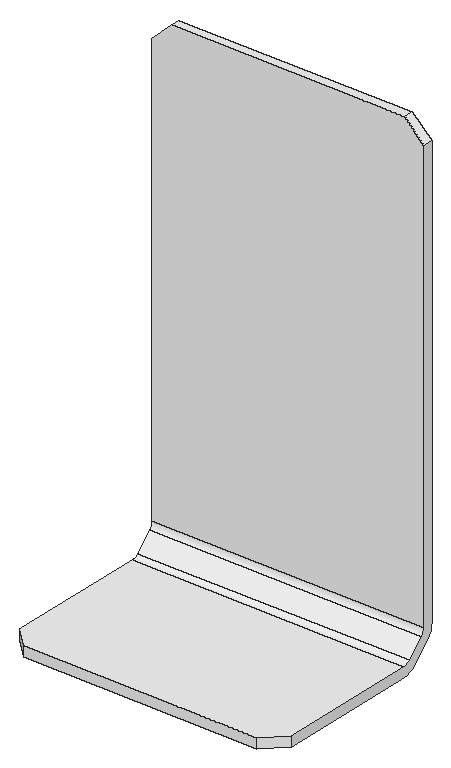
Revit family "JOMA_423", category Structural Connections, host Face, Revit 2012
Parameters (values of type "4230101")
  t = 2.500 mm
  l = 50.000 mm
  h = 125.000 mm
  b = 70.000 mm
  Vinkelbeslag 4230203 = no
  Vinkelbeslag 4230202 = no
  Vinkelbeslag 4230201 = no
  Vinkelbeslag 4230101 = yes
  Vikt = "0,21"
  Typ = "VINKEL 4230101"
  Spikmönster Bult 45°≤α≤90° [instance] = no
  Spikmönster Bult 0°≤α≤90° [instance] = no
  Spikmönster Bult 0°≤α≤45° [instance] = no
  Spikmönster 45°≤α≤90° [instance] = no
  Spikmönster 0°≤α≤90° [instance] = no
  Spikmönster 0°≤α≤45° [instance] = no
  Spik/skruv [instance] = "ANKARSPIK 4,0x40"
  Material = Varmförzinkad stålplåt
  Länk Joma Dimensioneringsverktyg = "http://www.joma.se/dimensioneringsverktyg"
  Default Elevation = 0.000 mm
  Bult (betong) [instance] = "BULT M12"
  Antal spik/skruv i virkesdel B [instance] = if(and(Spikmönster 0°≤α≤45°, Vinkelbeslag 4230101), 5, if(and(Spikmönster 45°≤α≤90°, Vinkelbeslag 4230101), 5, if(and(Spikmönster 0°≤α≤45°, Vinkelbeslag 4230201), 4, if(and(Spikmönster 45°≤α≤90°, Vinkelbeslag 4230201), 4, if(and(Spikmönster 0°≤α≤45°, Vinkelbeslag 4230202), 4, if(and(Spikmönster 45°≤α≤90°, Vinkelbeslag 4230202), 4, if(and(Spikmönster 0°≤α≤90°, Vinkelbeslag 4230203), 2, if(and(Spikmönster Bult 0°≤α≤45°, Vinkelbeslag 4230101), 1, if(and(Spikmönster Bult 45°≤α≤90°, Vinkelbeslag 4230101), 1, if(and(Spikmönster Bult 0°≤α≤45°, Vinkelbeslag 4230201), 1, if(and(Spikmönster Bult 45°≤α≤90°, Vinkelbeslag 4230201), 1, if(and(Spikmönster Bult 0°≤α≤45°, Vinkelbeslag 4230202), 1, if(and(Spikmönster Bult 45°≤α≤90°, Vinkelbeslag 4230202), 1, if(and(Spikmönster Bult 0°≤α≤90°, Vinkelbeslag 4230203), 1, 0))))))))))))))  # 0
  Antal spik/skruv i virkesdel A [instance] = if(and(Spikmönster 0°≤α≤45°, Vinkelbeslag 4230101), 6, if(and(Spikmönster 45°≤α≤90°, Vinkelbeslag 4230101), 6, if(and(Spikmönster 0°≤α≤45°, Vinkelbeslag 4230201), 5, if(and(Spikmönster 45°≤α≤90°, Vinkelbeslag 4230201), 5, if(and(Spikmönster 0°≤α≤45°, Vinkelbeslag 4230202), 5, if(and(Spikmönster 45°≤α≤90°, Vinkelbeslag 4230202), 5, if(and(Spikmönster 0°≤α≤90°, Vinkelbeslag 4230203), 4, if(and(Spikmönster Bult 0°≤α≤45°, Vinkelbeslag 4230101), 6, if(and(Spikmönster Bult 45°≤α≤90°, Vinkelbeslag 4230101), 6, if(and(Spikmönster Bult 0°≤α≤45°, Vinkelbeslag 4230201), 5, if(and(Spikmönster Bult 45°≤α≤90°, Vinkelbeslag 4230201), 5, if(and(Spikmönster Bult 0°≤α≤45°, Vinkelbeslag 4230202), 5, if(and(Spikmönster Bult 45°≤α≤90°, Vinkelbeslag 4230202), 5, if(and(Spikmönster Bult 0°≤α≤90°, Vinkelbeslag 4230203), 4, 0))))))))))))))  # 0
  4230203 Spikmönster Bult 0°≤α≤90° [instance] = and(Vinkelbeslag 4230203, Spikmönster Bult 0°≤α≤90°, not(or(Spikmönster 0°≤α≤45°, Spikmönster 45°≤α≤90°, Spikmönster Bult 0°≤α≤45°, Spikmönster 0°≤α≤90°, Spikmönster Bult 45°≤α≤90°)))  # no
  4230203 Spikmönster 0°≤α≤90° [instance] = and(Vinkelbeslag 4230203, Spikmönster 0°≤α≤90°, not(or(Spikmönster 0°≤α≤45°, Spikmönster 45°≤α≤90°, Spikmönster Bult 0°≤α≤45°, Spikmönster Bult 0°≤α≤90°, Spikmönster Bult 45°≤α≤90°)))  # no
  4230202 Spikmönster Bult 45°≤α≤90° [instance] = and(Vinkelbeslag 4230202, Spikmönster Bult 45°≤α≤90°, not(or(Spikmönster 0°≤α≤90°, Spikmönster 0°≤α≤45°, Spikmönster Bult 0°≤α≤45°, Spikmönster Bult 0°≤α≤90°, Spikmönster 45°≤α≤90°)))  # no
  4230202 Spikmönster Bult 0°≤α≤45° [instance] = and(Vinkelbeslag 4230202, Spikmönster Bult 0°≤α≤45°, not(or(Spikmönster 0°≤α≤90°, Spikmönster 45°≤α≤90°, Spikmönster 0°≤α≤45°, Spikmönster Bult 0°≤α≤90°, Spikmönster Bult 45°≤α≤90°)))  # no
  4230202 Spikmönster 45°≤α≤90° [instance] = and(Vinkelbeslag 4230202, Spikmönster 45°≤α≤90°, not(or(Spikmönster 0°≤α≤90°, Spikmönster 0°≤α≤45°, Spikmönster Bult 0°≤α≤45°, Spikmönster Bult 0°≤α≤90°, Spikmönster Bult 45°≤α≤90°)))  # no
  4230202 Spikmönster 0°≤α≤45° [instance] = and(Vinkelbeslag 4230202, Spikmönster 0°≤α≤45°, not(or(Spikmönster 0°≤α≤90°, Spikmönster 45°≤α≤90°, Spikmönster Bult 0°≤α≤45°, Spikmönster Bult 0°≤α≤90°, Spikmönster Bult 45°≤α≤90°)))  # no
  4230201 Spikmönster Bult 45°≤α≤90° [instance] = and(Vinkelbeslag 4230201, Spikmönster Bult 45°≤α≤90°, not(or(Spikmönster 0°≤α≤90°, Spikmönster 0°≤α≤45°, Spikmönster Bult 0°≤α≤45°, Spikmönster Bult 0°≤α≤90°, Spikmönster 45°≤α≤90°)))  # no
  4230201 Spikmönster Bult 0°≤α≤45° [instance] = and(Vinkelbeslag 4230201, Spikmönster Bult 0°≤α≤45°, not(or(Spikmönster 0°≤α≤90°, Spikmönster 45°≤α≤90°, Spikmönster 0°≤α≤45°, Spikmönster Bult 0°≤α≤90°, Spikmönster Bult 45°≤α≤90°)))  # no
  4230201 Spikmönster 45°≤α≤90° [instance] = and(Vinkelbeslag 4230201, Spikmönster 45°≤α≤90°, not(or(Spikmönster 0°≤α≤90°, Spikmönster 0°≤α≤45°, Spikmönster Bult 0°≤α≤45°, Spikmönster Bult 0°≤α≤90°, Spikmönster Bult 45°≤α≤90°)))  # no
  4230201 Spikmönster 0°≤α≤45° [instance] = and(Vinkelbeslag 4230201, Spikmönster 0°≤α≤45°, not(or(Spikmönster 0°≤α≤90°, Spikmönster 45°≤α≤90°, Spikmönster Bult 0°≤α≤45°, Spikmönster Bult 0°≤α≤90°, Spikmönster Bult 45°≤α≤90°)))  # no
  4230101 Spikmönster Bult 45°≤α≤90° [instance] = and(Vinkelbeslag 4230101, Spikmönster Bult 45°≤α≤90°, not(or(Spikmönster 0°≤α≤90°, Spikmönster 0°≤α≤45°, Spikmönster Bult 0°≤α≤45°, Spikmönster Bult 0°≤α≤90°, Spikmönster 45°≤α≤90°)))  # no
  4230101 Spikmönster Bult 0°≤α≤45° [instance] = and(Vinkelbeslag 4230101, Spikmönster Bult 0°≤α≤45°, not(or(Spikmönster 0°≤α≤90°, Spikmönster 45°≤α≤90°, Spikmönster 0°≤α≤45°, Spikmönster Bult 0°≤α≤90°, Spikmönster Bult 45°≤α≤90°)))  # no
  4230101 Spikmönster 45°≤α≤90° [instance] = and(Vinkelbeslag 4230101, Spikmönster 45°≤α≤90°, not(or(Spikmönster 0°≤α≤90°, Spikmönster 0°≤α≤45°, Spikmönster Bult 0°≤α≤45°, Spikmönster Bult 0°≤α≤90°, Spikmönster Bult 45°≤α≤90°)))  # no
  4230101 Spikmönster 0°≤α≤45° [instance] = and(Vinkelbeslag 4230101, Spikmönster 0°≤α≤45°, not(or(Spikmönster 0°≤α≤90°, Spikmönster 45°≤α≤90°, Spikmönster Bult 0°≤α≤45°, Spikmönster Bult 0°≤α≤90°, Spikmönster Bult 45°≤α≤90°)))  # no
Reference planes
  plane 1 "Center (Front/Back)": y = 0
  plane 2: z = 0
  plane 3 "Center (Left/Right)": x = 0
  plane 4: x = -35
  plane 5: x = 35
  plane 6: y = -50
  plane 7: z = 125
Forms (mm)
  Extrusion 1, solid, material "Varmförzinkad stålplåt" <- "Material"
    sketch origin (0, 0, 0) x (0, 1, 0) y (0, 0, 1)
      loop
        line (0, 125) -> (-2.5, 125) -> (-2.5, 8.818)
        arc (-2.5, 8.818) -> (-2.69, 7.862) -> (-3.232, 7.051) r 2.5
        line (-3.232, 7.051) -> (-7.051, 3.232)
        arc (-7.051, 3.232) -> (-7.862, 2.69) -> (-8.818, 2.5) r 2.5
        line (-8.818, 2.5) -> (-50, 2.5) -> (-50, 0) -> (-8.818, 0)
        arc (-8.818, 0) -> (-6.905, 0.381) -> (-5.283, 1.464) r 5
        line (-5.283, 1.464) -> (-1.464, 5.283)
        arc (-1.464, 5.283) -> (-0.381, 6.905) -> (0, 8.818) r 5
        line (0, 8.818) -> (0, 125)
    from -35 to 35
  Extrusion 2, void
    sketch origin (0, 0, 0) x (1, 0, 0) y (0, 1, 0)
      loop
        line (35, -50) -> (35, -45) -> (30, -50) -> (35, -50)
      loop
        line (-35, -50) -> (-30, -50) -> (-35, -45) -> (-35, -50)
    from 0 to 2.5 <- "t"
  Extrusion 3, void
    sketch origin (0, 0, 0) x (1, 0, 0) y (0, 0, 1)
      loop
        line (35, 125) -> (30, 125) -> (35, 120) -> (35, 125)
      loop
        line (-35, 125) -> (-35, 120) -> (-30, 125) -> (-35, 125)
    from 0 to 2.5 <- "t"
Cuts and joins
  Extrusion 2, Extrusion 3 cuts Extrusion 1
Lines and regions (mm)
  symbolic lines, visible <- "Vinkelbeslag 4230101"
    curve 1: circle (-30, -15, 0) r 2.5 normal (0, 0, 1)
    curve 2: circle (-20, -40, 0) r 2.5 normal (0, 0, 1)
    curve 3: circle (0, -35, 0) r 2.5 normal (0, 0, 1)
    curve 4: circle (0, -20, 0) r 5.5 normal (0, 0, 1)
    curve 5: circle (30, -15, 0) r 2.5 normal (0, 0, -1)
    curve 6: circle (20, -40, 0) r 2.5 normal (0, 0, -1)
    curve 7: line (-25.021, -7.818, 0) -> (-25.021, -2.5, 0)
    curve 8: spline (-23.061, -11.839, 0) -> (-22.985, -13.212, 0) -> (-22.909, -14.567, 0) -> (-22.832, -15.903, 0) -> (-22.754, -17.219, 0) -> (-22.675, -18.516, 0) -> (-22.595, -19.793, 0) -> (-22.514, -21.05, 0) -> (-22.433, -22.287, 0) -> (-22.35, -23.503, 0) -> (-22.267, -24.699, 0) -> (-22.183, -25.874, 0) -> (-22.098, -27.029, 0)
    curve 9: arc (-22.098, -27.029, 0) -> (-17.5, -31.297, 0) -> (-12.902, -27.029, 0) r 4.611
    curve 10: spline (-12.902, -27.029, 0) -> (-12.817, -25.874, 0) -> (-12.733, -24.699, 0) -> (-12.65, -23.503, 0) -> (-12.567, -22.287, 0) -> (-12.486, -21.05, 0) -> (-12.405, -19.793, 0) -> (-12.325, -18.516, 0) -> (-12.246, -17.219, 0) -> (-12.168, -15.903, 0) -> (-12.091, -14.567, 0) -> (-12.015, -13.212, 0) -> (-11.939, -11.839, 0)
    curve 11: line (-9.979, -7.818, 0) -> (-9.979, -2.5, 0)
    curve 12: line (9.979, -7.818, 0) -> (9.979, -2.5, 0)
    curve 13: spline (12.902, -27.029, 0) -> (12.817, -25.874, 0) -> (12.733, -24.699, 0) -> (12.65, -23.503, 0) -> (12.567, -22.287, 0) -> (12.486, -21.05, 0) -> (12.405, -19.793, 0) -> (12.325, -18.516, 0) -> (12.246, -17.219, 0) -> (12.168, -15.903, 0) -> (12.091, -14.567, 0) -> (12.015, -13.212, 0) -> (11.939, -11.839, 0)
    curve 14: arc (12.902, -27.029, 0) -> (17.5, -31.297, 0) -> (22.098, -27.029, 0) r 4.611
    curve 15: spline (23.061, -11.839, 0) -> (22.985, -13.212, 0) -> (22.909, -14.567, 0) -> (22.832, -15.903, 0) -> (22.754, -17.219, 0) -> (22.675, -18.516, 0) -> (22.595, -19.793, 0) -> (22.514, -21.05, 0) -> (22.433, -22.287, 0) -> (22.35, -23.503, 0) -> (22.267, -24.699, 0) -> (22.183, -25.874, 0) -> (22.098, -27.029, 0)
    curve 16: line (25.021, -7.818, 0) -> (25.021, -2.5, 0)
    curve 17: arc (-23.061, -11.839, 0) -> (-23.657, -9.642, 0) -> (-25.021, -7.818, 0) r 6.078
    curve 18: arc (-11.939, -11.839, 0) -> (-11.343, -9.642, 0) -> (-9.979, -7.818, 0) r 6.078
    curve 19: arc (23.061, -11.839, 0) -> (23.657, -9.642, 0) -> (25.021, -7.818, 0) r 6.078
    curve 20: arc (11.939, -11.839, 0) -> (11.343, -9.642, 0) -> (9.979, -7.818, 0) r 6.078
    curve 41: circle (-30, 0, 20) r 2.5 normal (0, -1, 0)
    curve 42: circle (-20, 0, 50) r 2.5 normal (0, -1, 0)
    curve 43: circle (-25, 0, 70) r 2.5 normal (0, -1, 0)
    curve 44: circle (-20, 0, 95) r 2.5 normal (0, -1, 0)
    curve 45: circle (-25, 0, 117) r 2.5 normal (0, -1, 0)
    curve 46: circle (0, 0, 117) r 2.5 normal (0, -1, 0)
    curve 47: circle (0, 0, 70) r 2.5 normal (0, -1, 0)
    curve 48: circle (0, 0, 20) r 2.5 normal (0, -1, 0)
    curve 49: circle (0, 0, 105) r 5.5 normal (0, -1, 0)
    curve 50: circle (0, 0, 50) r 5.5 normal (0, -1, 0)
    curve 51: circle (30, 0, 20) r 2.5 normal (0, 1, 0)
    curve 52: circle (20, 0, 50) r 2.5 normal (0, 1, 0)
    curve 53: circle (25, 0, 70) r 2.5 normal (0, 1, 0)
    curve 54: circle (20, 0, 95) r 2.5 normal (0, 1, 0)
    curve 55: circle (25, 0, 117) r 2.5 normal (0, 1, 0)
    curve 56: line (-25.021, 0, 7.818) -> (-25.021, 0, 2.5)
    curve 57: spline (-21.241, 0, 37.056) -> (-21.406, 0, 35.34) -> (-21.569, 0, 33.55) -> (-21.73, 0, 31.687) -> (-21.888, 0, 29.753) -> (-22.044, 0, 27.748) -> (-22.197, 0, 25.674) -> (-22.348, 0, 23.532) -> (-22.496, 0, 21.322) -> (-22.642, 0, 19.047) -> (-22.784, 0, 16.707) -> (-22.924, 0, 14.304) -> (-23.061, 0, 11.839)
    curve 58: arc (-13.759, 0, 37.056) -> (-17.5, 0, 40.445) -> (-21.241, 0, 37.056) r 3.759
    curve 59: spline (-13.759, 0, 37.056) -> (-13.594, 0, 35.34) -> (-13.431, 0, 33.55) -> (-13.27, 0, 31.687) -> (-13.112, 0, 29.753) -> (-12.956, 0, 27.748) -> (-12.803, 0, 25.674) -> (-12.652, 0, 23.532) -> (-12.504, 0, 21.322) -> (-12.358, 0, 19.047) -> (-12.216, 0, 16.707) -> (-12.076, 0, 14.304) -> (-11.939, 0, 11.839)
    curve 60: line (-9.979, 0, 7.818) -> (-9.979, 0, 2.5)
    curve 61: arc (-25.021, 0, 7.818) -> (-23.656, 0, 9.641) -> (-23.061, 0, 11.839) r 6.064
    curve 62: arc (-9.979, 0, 7.818) -> (-11.344, 0, 9.641) -> (-11.939, 0, 11.839) r 6.064
    curve 63: line (25.021, 0, 7.818) -> (25.021, 0, 2.5)
    curve 64: spline (21.241, 0, 37.056) -> (21.406, 0, 35.34) -> (21.569, 0, 33.55) -> (21.73, 0, 31.687) -> (21.888, 0, 29.753) -> (22.044, 0, 27.748) -> (22.197, 0, 25.674) -> (22.348, 0, 23.532) -> (22.496, 0, 21.322) -> (22.642, 0, 19.047) -> (22.784, 0, 16.707) -> (22.924, 0, 14.304) -> (23.061, 0, 11.839)
    curve 65: arc (13.759, 0, 37.056) -> (17.5, 0, 40.445) -> (21.241, 0, 37.056) r 3.759
    curve 66: spline (13.759, 0, 37.056) -> (13.594, 0, 35.34) -> (13.431, 0, 33.55) -> (13.27, 0, 31.687) -> (13.112, 0, 29.753) -> (12.956, 0, 27.748) -> (12.803, 0, 25.674) -> (12.652, 0, 23.532) -> (12.504, 0, 21.322) -> (12.358, 0, 19.047) -> (12.216, 0, 16.707) -> (12.076, 0, 14.304) -> (11.939, 0, 11.839)
    curve 67: line (9.979, 0, 7.818) -> (9.979, 0, 2.5)
    curve 68: arc (25.021, 0, 7.818) -> (23.656, 0, 9.641) -> (23.061, 0, 11.839) r 6.064
    curve 69: arc (9.979, 0, 7.818) -> (11.344, 0, 9.641) -> (11.939, 0, 11.839) r 6.064
    curve 475: line (0, -3.43, 37.5) -> (0, -4.748, 12.352)
    curve 476: arc (0, -3.43, 37.5) -> (0, -3.22, 38.791) -> (0, -2.735, 40.006) r 6
    curve 477: arc (0, -2.5, 40.945) -> (0, -2.56, 40.461) -> (0, -2.735, 40.006) r 2
    curve 478: arc (0, -4.748, 12.352) -> (0, -5.088, 10.934) -> (0, -5.914, 9.733) r 4
    curve 479: line (0, -5.914, 9.733) -> (0, -9.733, 5.914)
    curve 480: arc (0, -9.733, 5.914) -> (0, -10.934, 5.088) -> (0, -12.352, 4.748) r 4
    curve 481: line (0, -12.352, 4.748) -> (0, -27.5, 3.954)
    curve 482: arc (0, -30.644, 2.866) -> (0, -29.149, 3.632) -> (0, -27.5, 3.954) r 6
    curve 483: arc (0, -30.644, 2.866) -> (0, -31.192, 2.594) -> (0, -31.797, 2.5) r 2
  symbolic lines, visible <- "Vinkelbeslag 4230101", not visible
    curve 21: circle (-30, -15, 0) r 2.5 normal (0, 0, 1)
    curve 22: circle (-20, -40, 0) r 2.5 normal (0, 0, 1)
    curve 23: circle (0, -35, 0) r 2.5 normal (0, 0, 1)
    curve 24: circle (0, -20, 0) r 5.5 normal (0, 0, 1)
    curve 25: circle (30, -15, 0) r 2.5 normal (0, 0, -1)
    curve 26: circle (20, -40, 0) r 2.5 normal (0, 0, -1)
    curve 27: line (-25.021, -7.818, 0) -> (-25.021, -2.5, 0)
    curve 28: spline (-23.061, -11.839, 0) -> (-22.985, -13.212, 0) -> (-22.909, -14.567, 0) -> (-22.832, -15.903, 0) -> (-22.754, -17.219, 0) -> (-22.675, -18.516, 0) -> (-22.595, -19.793, 0) -> (-22.514, -21.05, 0) -> (-22.433, -22.287, 0) -> (-22.35, -23.503, 0) -> (-22.267, -24.699, 0) -> (-22.183, -25.874, 0) -> (-22.098, -27.029, 0)
    curve 29: arc (-22.098, -27.029, 0) -> (-17.5, -31.297, 0) -> (-12.902, -27.029, 0) r 4.611
    curve 30: spline (-12.902, -27.029, 0) -> (-12.817, -25.874, 0) -> (-12.733, -24.699, 0) -> (-12.65, -23.503, 0) -> (-12.567, -22.287, 0) -> (-12.486, -21.05, 0) -> (-12.405, -19.793, 0) -> (-12.325, -18.516, 0) -> (-12.246, -17.219, 0) -> (-12.168, -15.903, 0) -> (-12.091, -14.567, 0) -> (-12.015, -13.212, 0) -> (-11.939, -11.839, 0)
    curve 31: line (-9.979, -7.818, 0) -> (-9.979, -2.5, 0)
    curve 32: line (9.979, -7.818, 0) -> (9.979, -2.5, 0)
    curve 33: spline (12.902, -27.029, 0) -> (12.817, -25.874, 0) -> (12.733, -24.699, 0) -> (12.65, -23.503, 0) -> (12.567, -22.287, 0) -> (12.486, -21.05, 0) -> (12.405, -19.793, 0) -> (12.325, -18.516, 0) -> (12.246, -17.219, 0) -> (12.168, -15.903, 0) -> (12.091, -14.567, 0) -> (12.015, -13.212, 0) -> (11.939, -11.839, 0)
    curve 34: arc (12.902, -27.029, 0) -> (17.5, -31.297, 0) -> (22.098, -27.029, 0) r 4.611
    curve 35: spline (23.061, -11.839, 0) -> (22.985, -13.212, 0) -> (22.909, -14.567, 0) -> (22.832, -15.903, 0) -> (22.754, -17.219, 0) -> (22.675, -18.516, 0) -> (22.595, -19.793, 0) -> (22.514, -21.05, 0) -> (22.433, -22.287, 0) -> (22.35, -23.503, 0) -> (22.267, -24.699, 0) -> (22.183, -25.874, 0) -> (22.098, -27.029, 0)
    curve 36: line (25.021, -7.818, 0) -> (25.021, -2.5, 0)
    curve 37: arc (-23.061, -11.839, 0) -> (-23.657, -9.642, 0) -> (-25.021, -7.818, 0) r 6.078
    curve 38: arc (-11.939, -11.839, 0) -> (-11.343, -9.642, 0) -> (-9.979, -7.818, 0) r 6.078
    curve 39: arc (23.061, -11.839, 0) -> (23.657, -9.642, 0) -> (25.021, -7.818, 0) r 6.078
    curve 40: arc (11.939, -11.839, 0) -> (11.343, -9.642, 0) -> (9.979, -7.818, 0) r 6.078
    curve 70: circle (-30, 0, 20) r 2.5 normal (0, -1, 0)
    curve 71: circle (-20, 0, 50) r 2.5 normal (0, -1, 0)
    curve 72: circle (-25, 0, 70) r 2.5 normal (0, -1, 0)
    curve 73: circle (-20, 0, 95) r 2.5 normal (0, -1, 0)
    curve 74: circle (-25, 0, 117) r 2.5 normal (0, -1, 0)
    curve 75: circle (0, 0, 117) r 2.5 normal (0, -1, 0)
    curve 76: circle (0, 0, 70) r 2.5 normal (0, -1, 0)
    curve 77: circle (0, 0, 20) r 2.5 normal (0, -1, 0)
    curve 78: circle (0, 0, 105) r 5.5 normal (0, -1, 0)
    curve 79: circle (0, 0, 50) r 5.5 normal (0, -1, 0)
    curve 80: circle (30, 0, 20) r 2.5 normal (0, 1, 0)
    curve 81: circle (20, 0, 50) r 2.5 normal (0, 1, 0)
    curve 82: circle (25, 0, 70) r 2.5 normal (0, 1, 0)
    curve 83: circle (20, 0, 95) r 2.5 normal (0, 1, 0)
    curve 84: circle (25, 0, 117) r 2.5 normal (0, 1, 0)
    curve 85: line (-25.021, 0, 7.818) -> (-25.021, 0, 2.5)
    curve 86: spline (-21.241, 0, 37.056) -> (-21.406, 0, 35.34) -> (-21.569, 0, 33.55) -> (-21.73, 0, 31.687) -> (-21.888, 0, 29.753) -> (-22.044, 0, 27.748) -> (-22.197, 0, 25.674) -> (-22.348, 0, 23.532) -> (-22.496, 0, 21.322) -> (-22.642, 0, 19.047) -> (-22.784, 0, 16.707) -> (-22.924, 0, 14.304) -> (-23.061, 0, 11.839)
    curve 87: arc (-13.759, 0, 37.056) -> (-17.5, 0, 40.445) -> (-21.241, 0, 37.056) r 3.759
    curve 88: spline (-13.759, 0, 37.056) -> (-13.594, 0, 35.34) -> (-13.431, 0, 33.55) -> (-13.27, 0, 31.687) -> (-13.112, 0, 29.753) -> (-12.956, 0, 27.748) -> (-12.803, 0, 25.674) -> (-12.652, 0, 23.532) -> (-12.504, 0, 21.322) -> (-12.358, 0, 19.047) -> (-12.216, 0, 16.707) -> (-12.076, 0, 14.304) -> (-11.939, 0, 11.839)
    curve 89: line (-9.979, 0, 7.818) -> (-9.979, 0, 2.5)
    curve 90: arc (-25.021, 0, 7.818) -> (-23.656, 0, 9.641) -> (-23.061, 0, 11.839) r 6.064
    curve 91: arc (-9.979, 0, 7.818) -> (-11.344, 0, 9.641) -> (-11.939, 0, 11.839) r 6.064
    curve 92: line (25.021, 0, 7.818) -> (25.021, 0, 2.5)
    curve 93: spline (21.241, 0, 37.056) -> (21.406, 0, 35.34) -> (21.569, 0, 33.55) -> (21.73, 0, 31.687) -> (21.888, 0, 29.753) -> (22.044, 0, 27.748) -> (22.197, 0, 25.674) -> (22.348, 0, 23.532) -> (22.496, 0, 21.322) -> (22.642, 0, 19.047) -> (22.784, 0, 16.707) -> (22.924, 0, 14.304) -> (23.061, 0, 11.839)
    curve 94: arc (13.759, 0, 37.056) -> (17.5, 0, 40.445) -> (21.241, 0, 37.056) r 3.759
    curve 95: spline (13.759, 0, 37.056) -> (13.594, 0, 35.34) -> (13.431, 0, 33.55) -> (13.27, 0, 31.687) -> (13.112, 0, 29.753) -> (12.956, 0, 27.748) -> (12.803, 0, 25.674) -> (12.652, 0, 23.532) -> (12.504, 0, 21.322) -> (12.358, 0, 19.047) -> (12.216, 0, 16.707) -> (12.076, 0, 14.304) -> (11.939, 0, 11.839)
    curve 96: line (9.979, 0, 7.818) -> (9.979, 0, 2.5)
    curve 97: arc (25.021, 0, 7.818) -> (23.656, 0, 9.641) -> (23.061, 0, 11.839) r 6.064
    curve 98: arc (9.979, 0, 7.818) -> (11.344, 0, 9.641) -> (11.939, 0, 11.839) r 6.064
    curve 502: line (0, -3.43, 37.5) -> (0, -4.748, 12.352)
    curve 503: arc (0, -3.43, 37.5) -> (0, -3.22, 38.791) -> (0, -2.735, 40.006) r 6
    curve 504: arc (0, -2.5, 40.945) -> (0, -2.56, 40.461) -> (0, -2.735, 40.006) r 2
    curve 505: arc (0, -4.748, 12.352) -> (0, -5.088, 10.934) -> (0, -5.914, 9.733) r 4
    curve 506: line (0, -5.914, 9.733) -> (0, -9.733, 5.914)
    curve 507: arc (0, -9.733, 5.914) -> (0, -10.934, 5.088) -> (0, -12.352, 4.748) r 4
    curve 508: line (0, -12.352, 4.748) -> (0, -27.5, 3.954)
    curve 509: arc (0, -30.644, 2.866) -> (0, -29.149, 3.632) -> (0, -27.5, 3.954) r 6
    curve 510: arc (0, -30.644, 2.866) -> (0, -31.192, 2.594) -> (0, -31.797, 2.5) r 2
  symbolic lines, visible <- "Vinkelbeslag 4230201"
    curve 99: circle (-12, -92, 0) r 2.5 normal (0, 0, 1)
    curve 100: circle (-20, -80, 0) r 6.5 normal (0, 0, 1)
    curve 101: circle (0, -80, 0) r 2.5 normal (0, 0, 1)
    curve 102: circle (0, -66, 0) r 2.5 normal (0, 0, 1)
    curve 103: circle (-22, -60, 0) r 2.5 normal (0, 0, 1)
    curve 104: circle (-10, -38, 0) r 2.5 normal (0, 0, 1)
    curve 105: circle (-10, -18, 0) r 2.5 normal (0, 0, 1)
    curve 106: circle (0, -50, 0) r 6.5 normal (0, 0, 1)
    curve 107: line (-31.132, -9.773, 0) -> (-31.132, -2.5, 0)
    curve 108: spline (-30.248, -11.857, 0) -> (-30.194, -14.839, 0) -> (-30.139, -17.789, 0) -> (-30.084, -20.708, 0) -> (-30.028, -23.596, 0) -> (-29.972, -26.451, 0) -> (-29.916, -29.274, 0) -> (-29.859, -32.064, 0) -> (-29.801, -34.822, 0) -> (-29.743, -37.546, 0) -> (-29.685, -40.237, 0) -> (-29.626, -42.894, 0) -> (-29.566, -45.517, 0)
    curve 109: arc (-24.982, -49.962, 0) -> (-21.802, -48.666, 0) -> (-20.434, -45.517, 0) r 4.55
    curve 110: spline (-20.434, -45.517, 0) -> (-20.375, -42.894, 0) -> (-20.316, -40.237, 0) -> (-20.257, -37.546, 0) -> (-20.199, -34.822, 0) -> (-20.141, -32.064, 0) -> (-20.084, -29.274, 0) -> (-20.028, -26.451, 0) -> (-19.972, -23.596, 0) -> (-19.916, -20.709, 0) -> (-19.861, -17.79, 0) -> (-19.806, -14.84, 0) -> (-19.752, -11.858, 0)
    curve 111: line (-18.868, -2.5, 0) -> (-18.868, -9.773, 0)
    curve 112: arc (-29.566, -45.517, 0) -> (-28.185, -48.679, 0) -> (-24.982, -49.962, 0) r 4.55
    curve 113: arc (-31.132, -9.773, 0) -> (-30.517, -10.742, 0) -> (-30.248, -11.857, 0) r 3.505
    curve 114: arc (-18.868, -9.773, 0) -> (-19.483, -10.742, 0) -> (-19.752, -11.858, 0) r 3.505
    curve 115: circle (12, -92, 0) r 2.5 normal (0, 0, -1)
    curve 116: circle (20, -80, 0) r 6.5 normal (0, 0, -1)
    curve 117: circle (22, -60, 0) r 2.5 normal (0, 0, -1)
    curve 118: circle (10, -38, 0) r 2.5 normal (0, 0, -1)
    curve 119: circle (10, -18, 0) r 2.5 normal (0, 0, -1)
    curve 120: line (31.132, -9.773, 0) -> (31.132, -2.5, 0)
    curve 121: spline (30.248, -11.857, 0) -> (30.194, -14.839, 0) -> (30.139, -17.789, 0) -> (30.084, -20.708, 0) -> (30.028, -23.596, 0) -> (29.972, -26.451, 0) -> (29.916, -29.274, 0) -> (29.859, -32.064, 0) -> (29.801, -34.822, 0) -> (29.743, -37.546, 0) -> (29.685, -40.237, 0) -> (29.626, -42.894, 0) -> (29.566, -45.517, 0)
    curve 122: arc (24.982, -49.962, 0) -> (21.802, -48.666, 0) -> (20.434, -45.517, 0) r 4.55
    curve 123: spline (20.434, -45.517, 0) -> (20.375, -42.894, 0) -> (20.316, -40.237, 0) -> (20.257, -37.546, 0) -> (20.199, -34.822, 0) -> (20.141, -32.064, 0) -> (20.084, -29.274, 0) -> (20.028, -26.451, 0) -> (19.972, -23.596, 0) -> (19.916, -20.709, 0) -> (19.861, -17.79, 0) -> (19.806, -14.84, 0) -> (19.752, -11.858, 0)
    curve 124: line (18.868, -2.5, 0) -> (18.868, -9.773, 0)
    curve 125: arc (29.566, -45.517, 0) -> (28.185, -48.679, 0) -> (24.982, -49.962, 0) r 4.55
    curve 126: arc (31.132, -9.773, 0) -> (30.517, -10.742, 0) -> (30.248, -11.857, 0) r 3.505
    curve 127: arc (18.868, -9.773, 0) -> (19.483, -10.742, 0) -> (19.752, -11.858, 0) r 3.505
    curve 157: circle (-10, 0, 147) r 2.5 normal (0, -1, 0)
    curve 158: circle (0, 0, 133) r 2.5 normal (0, -1, 0)
    curve 159: circle (-12, 0, 119) r 2.5 normal (0, -1, 0)
    curve 160: circle (-28, 0, 109) r 2.5 normal (0, -1, 0)
    curve 161: circle (-12, 0, 94) r 2.5 normal (0, -1, 0)
    curve 162: circle (-28, 0, 85) r 2.5 normal (0, -1, 0)
    curve 163: circle (-12, 0, 73) r 2.5 normal (0, -1, 0)
    curve 164: circle (0, 0, 104) r 6.5 normal (0, -1, 0)
    curve 165: circle (0, 0, 60) r 6.5 normal (0, -1, 0)
    curve 166: circle (0, 0, 85) r 2.5 normal (0, -1, 0)
    curve 167: circle (-20, 0, 134) r 6.5 normal (0, -1, 0)
    curve 168: circle (10, 0, 147) r 2.5 normal (0, 1, 0)
    curve 169: circle (12, 0, 119) r 2.5 normal (0, 1, 0)
    curve 170: circle (28, 0, 109) r 2.5 normal (0, 1, 0)
    curve 171: circle (12, 0, 94) r 2.5 normal (0, 1, 0)
    curve 172: circle (28, 0, 85) r 2.5 normal (0, 1, 0)
    curve 173: circle (12, 0, 73) r 2.5 normal (0, 1, 0)
    curve 174: circle (20, 0, 134) r 6.5 normal (0, 1, 0)
    curve 175: line (-31.132, 0, 2.5) -> (-31.132, 0, 9.773)
    curve 176: spline (-29.053, 0, 66.023) -> (-29.16, 0, 62.053) -> (-29.265, 0, 57.981) -> (-29.37, 0, 53.806) -> (-29.473, 0, 49.531) -> (-29.574, 0, 45.156) -> (-29.675, 0, 40.683) -> (-29.774, 0, 36.113) -> (-29.871, 0, 31.448) -> (-29.968, 0, 26.688) -> (-30.063, 0, 21.835) -> (-30.156, 0, 16.891) -> (-30.248, 0, 11.857)
    curve 177: arc (-25.018, 0, 69.95) -> (-27.833, 0, 68.806) -> (-29.053, 0, 66.023) r 4.037
    curve 178: arc (-20.947, 0, 66.023) -> (-22.18, 0, 68.819) -> (-25.018, 0, 69.95) r 4.037
    curve 179: spline (-19.752, 0, 11.857) -> (-19.844, 0, 16.891) -> (-19.937, 0, 21.835) -> (-20.032, 0, 26.688) -> (-20.129, 0, 31.447) -> (-20.226, 0, 36.113) -> (-20.325, 0, 40.683) -> (-20.426, 0, 45.156) -> (-20.527, 0, 49.531) -> (-20.63, 0, 53.806) -> (-20.735, 0, 57.981) -> (-20.84, 0, 62.054) -> (-20.947, 0, 66.023)
    curve 180: line (-18.868, 0, 2.5) -> (-18.868, 0, 9.773)
    curve 181: arc (-31.132, 0, 9.773) -> (-30.54, 0, 10.752) -> (-30.248, 0, 11.857) r 4.027
    curve 182: arc (-18.868, 0, 9.773) -> (-19.46, 0, 10.751) -> (-19.752, 0, 11.857) r 4.027
    curve 183: line (31.132, 0, 2.5) -> (31.132, 0, 9.773)
    curve 184: spline (29.053, 0, 66.023) -> (29.16, 0, 62.053) -> (29.265, 0, 57.981) -> (29.37, 0, 53.806) -> (29.473, 0, 49.531) -> (29.574, 0, 45.156) -> (29.675, 0, 40.683) -> (29.774, 0, 36.113) -> (29.871, 0, 31.448) -> (29.968, 0, 26.688) -> (30.063, 0, 21.835) -> (30.156, 0, 16.891) -> (30.248, 0, 11.857)
    curve 185: arc (25.018, 0, 69.95) -> (27.833, 0, 68.806) -> (29.053, 0, 66.023) r 4.037
    curve 186: arc (20.947, 0, 66.023) -> (22.18, 0, 68.819) -> (25.018, 0, 69.95) r 4.037
    curve 187: spline (19.752, 0, 11.857) -> (19.844, 0, 16.891) -> (19.937, 0, 21.835) -> (20.032, 0, 26.688) -> (20.129, 0, 31.447) -> (20.226, 0, 36.113) -> (20.325, 0, 40.683) -> (20.426, 0, 45.156) -> (20.527, 0, 49.531) -> (20.63, 0, 53.806) -> (20.735, 0, 57.981) -> (20.84, 0, 62.054) -> (20.947, 0, 66.023)
    curve 188: line (18.868, 0, 2.5) -> (18.868, 0, 9.773)
    curve 189: arc (31.132, 0, 9.773) -> (30.54, 0, 10.752) -> (30.248, 0, 11.857) r 4.027
    curve 190: arc (18.868, 0, 9.773) -> (19.46, 0, 10.751) -> (19.752, 0, 11.857) r 4.027
    curve 484: arc (0, -48.444, 3.012) -> (0, -49.159, 2.631) -> (0, -49.959, 2.5) r 2.5
    curve 485: arc (0, -48.444, 3.012) -> (0, -47.054, 3.758) -> (0, -45.5, 4.034) r 5
    curve 486: line (0, -45.5, 4.034) -> (0, -11.851, 4.622)
    curve 487: arc (0, -10.127, 5.354) -> (0, -10.917, 4.82) -> (0, -11.851, 4.622) r 2.5
    curve 488: line (0, -10.127, 5.354) -> (0, -5.354, 10.127)
    curve 489: arc (0, -4.622, 11.851) -> (0, -4.82, 10.917) -> (0, -5.354, 10.127) r 2.5
    curve 490: line (0, -4.622, 11.851) -> (0, -3.677, 66)
    curve 491: arc (0, -2.5, 69.947) -> (0, -2.6, 69.246) -> (0, -2.892, 68.602) r 2.5
    curve 492: arc (0, -3.677, 66) -> (0, -3.465, 67.355) -> (0, -2.892, 68.602) r 5
  symbolic lines, visible <- "Vinkelbeslag 4230201", not visible
    curve 128: circle (-12, -92, 0) r 2.5 normal (0, 0, 1)
    curve 129: circle (-20, -80, 0) r 6.5 normal (0, 0, 1)
    curve 130: circle (0, -80, 0) r 2.5 normal (0, 0, 1)
    curve 131: circle (0, -66, 0) r 2.5 normal (0, 0, 1)
    curve 132: circle (-22, -60, 0) r 2.5 normal (0, 0, 1)
    curve 133: circle (-10, -38, 0) r 2.5 normal (0, 0, 1)
    curve 134: circle (-10, -18, 0) r 2.5 normal (0, 0, 1)
    curve 135: circle (0, -50, 0) r 6.5 normal (0, 0, 1)
    curve 136: line (-31.132, -9.773, 0) -> (-31.132, -2.5, 0)
    curve 137: spline (-30.248, -11.857, 0) -> (-30.194, -14.839, 0) -> (-30.139, -17.789, 0) -> (-30.084, -20.708, 0) -> (-30.028, -23.596, 0) -> (-29.972, -26.451, 0) -> (-29.916, -29.274, 0) -> (-29.859, -32.064, 0) -> (-29.801, -34.822, 0) -> (-29.743, -37.546, 0) -> (-29.685, -40.237, 0) -> (-29.626, -42.894, 0) -> (-29.566, -45.517, 0)
    curve 138: arc (-24.982, -49.962, 0) -> (-21.802, -48.666, 0) -> (-20.434, -45.517, 0) r 4.55
    curve 139: spline (-20.434, -45.517, 0) -> (-20.375, -42.894, 0) -> (-20.316, -40.237, 0) -> (-20.257, -37.546, 0) -> (-20.199, -34.822, 0) -> (-20.141, -32.064, 0) -> (-20.084, -29.274, 0) -> (-20.028, -26.451, 0) -> (-19.972, -23.596, 0) -> (-19.916, -20.709, 0) -> (-19.861, -17.79, 0) -> (-19.806, -14.84, 0) -> (-19.752, -11.858, 0)
    curve 140: line (-18.868, -2.5, 0) -> (-18.868, -9.773, 0)
    curve 141: arc (-29.566, -45.517, 0) -> (-28.185, -48.679, 0) -> (-24.982, -49.962, 0) r 4.55
    curve 142: arc (-31.132, -9.773, 0) -> (-30.517, -10.742, 0) -> (-30.248, -11.857, 0) r 3.505
    curve 143: arc (-18.868, -9.773, 0) -> (-19.483, -10.742, 0) -> (-19.752, -11.858, 0) r 3.505
    curve 144: circle (12, -92, 0) r 2.5 normal (0, 0, -1)
    curve 145: circle (20, -80, 0) r 6.5 normal (0, 0, -1)
    curve 146: circle (22, -60, 0) r 2.5 normal (0, 0, -1)
    curve 147: circle (10, -38, 0) r 2.5 normal (0, 0, -1)
    curve 148: circle (10, -18, 0) r 2.5 normal (0, 0, -1)
    curve 149: line (31.132, -9.773, 0) -> (31.132, -2.5, 0)
    curve 150: spline (30.248, -11.857, 0) -> (30.194, -14.839, 0) -> (30.139, -17.789, 0) -> (30.084, -20.708, 0) -> (30.028, -23.596, 0) -> (29.972, -26.451, 0) -> (29.916, -29.274, 0) -> (29.859, -32.064, 0) -> (29.801, -34.822, 0) -> (29.743, -37.546, 0) -> (29.685, -40.237, 0) -> (29.626, -42.894, 0) -> (29.566, -45.517, 0)
    curve 151: arc (24.982, -49.962, 0) -> (21.802, -48.666, 0) -> (20.434, -45.517, 0) r 4.55
    curve 152: spline (20.434, -45.517, 0) -> (20.375, -42.894, 0) -> (20.316, -40.237, 0) -> (20.257, -37.546, 0) -> (20.199, -34.822, 0) -> (20.141, -32.064, 0) -> (20.084, -29.274, 0) -> (20.028, -26.451, 0) -> (19.972, -23.596, 0) -> (19.916, -20.709, 0) -> (19.861, -17.79, 0) -> (19.806, -14.84, 0) -> (19.752, -11.858, 0)
    curve 153: line (18.868, -2.5, 0) -> (18.868, -9.773, 0)
    curve 154: arc (29.566, -45.517, 0) -> (28.185, -48.679, 0) -> (24.982, -49.962, 0) r 4.55
    curve 155: arc (31.132, -9.773, 0) -> (30.517, -10.742, 0) -> (30.248, -11.857, 0) r 3.505
    curve 156: arc (18.868, -9.773, 0) -> (19.483, -10.742, 0) -> (19.752, -11.858, 0) r 3.505
    curve 191: circle (-10, 0, 147) r 2.5 normal (0, -1, 0)
    curve 192: circle (0, 0, 133) r 2.5 normal (0, -1, 0)
    curve 193: circle (-12, 0, 119) r 2.5 normal (0, -1, 0)
    curve 194: circle (-28, 0, 109) r 2.5 normal (0, -1, 0)
    curve 195: circle (-12, 0, 94) r 2.5 normal (0, -1, 0)
    curve 196: circle (-28, 0, 85) r 2.5 normal (0, -1, 0)
    curve 197: circle (-12, 0, 73) r 2.5 normal (0, -1, 0)
    curve 198: circle (0, 0, 104) r 6.5 normal (0, -1, 0)
    curve 199: circle (0, 0, 60) r 6.5 normal (0, -1, 0)
    curve 200: circle (0, 0, 85) r 2.5 normal (0, -1, 0)
    curve 201: circle (-20, 0, 134) r 6.5 normal (0, -1, 0)
    curve 202: circle (10, 0, 147) r 2.5 normal (0, 1, 0)
    curve 203: circle (12, 0, 119) r 2.5 normal (0, 1, 0)
    curve 204: circle (28, 0, 109) r 2.5 normal (0, 1, 0)
    curve 205: circle (12, 0, 94) r 2.5 normal (0, 1, 0)
    curve 206: circle (28, 0, 85) r 2.5 normal (0, 1, 0)
    curve 207: circle (12, 0, 73) r 2.5 normal (0, 1, 0)
    curve 208: circle (20, 0, 134) r 6.5 normal (0, 1, 0)
    curve 209: line (-31.132, 0, 2.5) -> (-31.132, 0, 9.773)
    curve 210: spline (-29.053, 0, 66.023) -> (-29.16, 0, 62.053) -> (-29.265, 0, 57.981) -> (-29.37, 0, 53.806) -> (-29.473, 0, 49.531) -> (-29.574, 0, 45.156) -> (-29.675, 0, 40.683) -> (-29.774, 0, 36.113) -> (-29.871, 0, 31.448) -> (-29.968, 0, 26.688) -> (-30.063, 0, 21.835) -> (-30.156, 0, 16.891) -> (-30.248, 0, 11.857)
    curve 211: arc (-25.018, 0, 69.95) -> (-27.833, 0, 68.806) -> (-29.053, 0, 66.023) r 4.037
    curve 212: arc (-20.947, 0, 66.023) -> (-22.18, 0, 68.819) -> (-25.018, 0, 69.95) r 4.037
    curve 213: spline (-19.752, 0, 11.857) -> (-19.844, 0, 16.891) -> (-19.937, 0, 21.835) -> (-20.032, 0, 26.688) -> (-20.129, 0, 31.447) -> (-20.226, 0, 36.113) -> (-20.325, 0, 40.683) -> (-20.426, 0, 45.156) -> (-20.527, 0, 49.531) -> (-20.63, 0, 53.806) -> (-20.735, 0, 57.981) -> (-20.84, 0, 62.054) -> (-20.947, 0, 66.023)
    curve 214: line (-18.868, 0, 2.5) -> (-18.868, 0, 9.773)
    curve 215: arc (-31.132, 0, 9.773) -> (-30.54, 0, 10.752) -> (-30.248, 0, 11.857) r 4.027
    curve 216: arc (-18.868, 0, 9.773) -> (-19.46, 0, 10.751) -> (-19.752, 0, 11.857) r 4.027
    curve 217: line (31.132, 0, 2.5) -> (31.132, 0, 9.773)
    curve 218: spline (29.053, 0, 66.023) -> (29.16, 0, 62.053) -> (29.265, 0, 57.981) -> (29.37, 0, 53.806) -> (29.473, 0, 49.531) -> (29.574, 0, 45.156) -> (29.675, 0, 40.683) -> (29.774, 0, 36.113) -> (29.871, 0, 31.448) -> (29.968, 0, 26.688) -> (30.063, 0, 21.835) -> (30.156, 0, 16.891) -> (30.248, 0, 11.857)
    curve 219: arc (25.018, 0, 69.95) -> (27.833, 0, 68.806) -> (29.053, 0, 66.023) r 4.037
    curve 220: arc (20.947, 0, 66.023) -> (22.18, 0, 68.819) -> (25.018, 0, 69.95) r 4.037
    curve 221: spline (19.752, 0, 11.857) -> (19.844, 0, 16.891) -> (19.937, 0, 21.835) -> (20.032, 0, 26.688) -> (20.129, 0, 31.447) -> (20.226, 0, 36.113) -> (20.325, 0, 40.683) -> (20.426, 0, 45.156) -> (20.527, 0, 49.531) -> (20.63, 0, 53.806) -> (20.735, 0, 57.981) -> (20.84, 0, 62.054) -> (20.947, 0, 66.023)
    curve 222: line (18.868, 0, 2.5) -> (18.868, 0, 9.773)
    curve 223: arc (31.132, 0, 9.773) -> (30.54, 0, 10.752) -> (30.248, 0, 11.857) r 4.027
    curve 224: arc (18.868, 0, 9.773) -> (19.46, 0, 10.751) -> (19.752, 0, 11.857) r 4.027
    curve 493: arc (0, -48.444, 3.012) -> (0, -49.159, 2.631) -> (0, -49.959, 2.5) r 2.5
    curve 494: arc (0, -48.444, 3.012) -> (0, -47.054, 3.758) -> (0, -45.5, 4.034) r 5
    curve 495: line (0, -45.5, 4.034) -> (0, -11.851, 4.622)
    curve 496: arc (0, -10.127, 5.354) -> (0, -10.917, 4.82) -> (0, -11.851, 4.622) r 2.5
    curve 497: line (0, -10.127, 5.354) -> (0, -5.354, 10.127)
    curve 498: arc (0, -4.622, 11.851) -> (0, -4.82, 10.917) -> (0, -5.354, 10.127) r 2.5
    curve 499: line (0, -4.622, 11.851) -> (0, -3.677, 66)
    curve 500: arc (0, -2.5, 69.947) -> (0, -2.6, 69.246) -> (0, -2.892, 68.602) r 2.5
    curve 501: arc (0, -3.677, 66) -> (0, -3.465, 67.355) -> (0, -2.892, 68.602) r 5
  symbolic lines, visible <- "Vinkelbeslag 4230202"
    curve 225: circle (-12, -152, 0) r 2.5 normal (0, 0, 1)
    curve 226: circle (0, -140, 0) r 2.5 normal (0, 0, 1)
    curve 227: circle (0, -126, 0) r 2.5 normal (0, 0, 1)
    curve 228: circle (0, -110, 0) r 6.5 normal (0, 0, 1)
    curve 229: circle (0, -60, 0) r 6.5 normal (0, 0, 1)
    curve 230: circle (0, -84, 0) r 2.5 normal (0, 0, 1)
    curve 231: circle (-22, -120, 0) r 2.5 normal (0, 0, 1)
    curve 232: circle (-28, -106, 0) r 2.5 normal (0, 0, 1)
    curve 233: circle (-18, -94, 0) r 2.5 normal (0, 0, 1)
    curve 234: circle (-22, -78, 0) r 2.5 normal (0, 0, 1)
    curve 235: circle (-10, -40, 0) r 2.5 normal (0, 0, 1)
    curve 236: circle (-10, -17.5, 0) r 2.5 normal (0, 0, 1)
    curve 237: line (-18.868, -9.773, 0) -> (-18.868, -2.5, 0)
    curve 238: spline (-19.752, -11.857, 0) -> (-19.844, -16.891, 0) -> (-19.937, -21.835, 0) -> (-20.032, -26.687, 0) -> (-20.129, -31.447, 0) -> (-20.226, -36.113, 0) -> (-20.325, -40.683, 0) -> (-20.426, -45.156, 0) -> (-20.527, -49.53, 0) -> (-20.63, -53.806, 0) -> (-20.735, -57.981, 0) -> (-20.84, -62.053, 0) -> (-20.947, -66.023, 0)
    curve 239: arc (-24.982, -69.95, 0) -> (-22.167, -68.806, 0) -> (-20.947, -66.023, 0) r 4.037
    curve 240: arc (-29.053, -66.023, 0) -> (-27.82, -68.819, 0) -> (-24.982, -69.95, 0) r 4.037
    curve 241: spline (-29.053, -66.023, 0) -> (-29.16, -62.054, 0) -> (-29.265, -57.981, 0) -> (-29.37, -53.806, 0) -> (-29.473, -49.531, 0) -> (-29.574, -45.156, 0) -> (-29.675, -40.683, 0) -> (-29.774, -36.113, 0) -> (-29.871, -31.447, 0) -> (-29.968, -26.688, 0) -> (-30.063, -21.835, 0) -> (-30.156, -16.891, 0) -> (-30.248, -11.857, 0)
    curve 242: line (-31.132, -9.773, 0) -> (-31.132, -2.5, 0)
    curve 243: arc (-31.132, -9.773, 0) -> (-30.54, -10.751, 0) -> (-30.248, -11.857, 0) r 4.024
    curve 244: arc (-18.868, -9.773, 0) -> (-19.46, -10.751, 0) -> (-19.752, -11.857, 0) r 4.024
    curve 245: circle (-20, -140, 0) r 6.5 normal (0, 0, 1)
    curve 246: circle (12, -152, 0) r 2.5 normal (0, 0, -1)
    curve 247: circle (22, -120, 0) r 2.5 normal (0, 0, -1)
    curve 248: circle (28, -106, 0) r 2.5 normal (0, 0, -1)
    curve 249: circle (18, -94, 0) r 2.5 normal (0, 0, -1)
    curve 250: circle (22, -78, 0) r 2.5 normal (0, 0, -1)
    curve 251: circle (10, -40, 0) r 2.5 normal (0, 0, -1)
    curve 252: circle (10, -17.5, 0) r 2.5 normal (0, 0, -1)
    curve 253: line (18.868, -9.773, 0) -> (18.868, -2.5, 0)
    curve 254: spline (19.752, -11.857, 0) -> (19.844, -16.891, 0) -> (19.937, -21.835, 0) -> (20.032, -26.687, 0) -> (20.129, -31.447, 0) -> (20.226, -36.113, 0) -> (20.325, -40.683, 0) -> (20.426, -45.156, 0) -> (20.527, -49.53, 0) -> (20.63, -53.806, 0) -> (20.735, -57.981, 0) -> (20.84, -62.053, 0) -> (20.947, -66.023, 0)
    curve 255: arc (24.982, -69.95, 0) -> (22.167, -68.806, 0) -> (20.947, -66.023, 0) r 4.037
    curve 256: arc (29.053, -66.023, 0) -> (27.82, -68.819, 0) -> (24.982, -69.95, 0) r 4.037
    curve 257: spline (29.053, -66.023, 0) -> (29.16, -62.054, 0) -> (29.265, -57.981, 0) -> (29.37, -53.806, 0) -> (29.473, -49.531, 0) -> (29.574, -45.156, 0) -> (29.675, -40.683, 0) -> (29.774, -36.113, 0) -> (29.871, -31.447, 0) -> (29.968, -26.688, 0) -> (30.063, -21.835, 0) -> (30.156, -16.891, 0) -> (30.248, -11.857, 0)
    curve 258: line (31.132, -9.773, 0) -> (31.132, -2.5, 0)
    curve 259: arc (31.132, -9.773, 0) -> (30.54, -10.751, 0) -> (30.248, -11.857, 0) r 4.024
    curve 260: arc (18.868, -9.773, 0) -> (19.46, -10.751, 0) -> (19.752, -11.857, 0) r 4.024
    curve 261: circle (20, -140, 0) r 6.5 normal (0, 0, -1)
    curve 299: circle (-10, 0, 147) r 2.5 normal (0, -1, 0)
    curve 300: circle (0, 0, 133) r 2.5 normal (0, -1, 0)
    curve 301: circle (-12, 0, 119) r 2.5 normal (0, -1, 0)
    curve 302: circle (-12, 0, 94) r 2.5 normal (0, -1, 0)
    curve 303: circle (-12, 0, 73) r 2.5 normal (0, -1, 0)
    curve 304: circle (-28, 0, 109) r 2.5 normal (0, -1, 0)
    curve 305: circle (-28, 0, 85) r 2.5 normal (0, -1, 0)
    curve 306: circle (0, 0, 85) r 2.5 normal (0, -1, 0)
    curve 307: circle (0, 0, 60) r 6.5 normal (0, -1, 0)
    curve 308: circle (0, 0, 104) r 6.5 normal (0, -1, 0)
    curve 309: circle (-20, 0, 134) r 6.5 normal (0, -1, 0)
    curve 310: line (-31.132, 0, 9.773) -> (-31.132, 0, 2.5)
    curve 311: line (-18.868, 0, 9.773) -> (-18.868, 0, 2.5)
    curve 312: spline (-20.947, 0, 66.023) -> (-20.84, 0, 62.053) -> (-20.734, 0, 57.981) -> (-20.63, 0, 53.806) -> (-20.527, 0, 49.531) -> (-20.426, 0, 45.156) -> (-20.325, 0, 40.683) -> (-20.226, 0, 36.113) -> (-20.129, 0, 31.448) -> (-20.032, 0, 26.688) -> (-19.937, 0, 21.835) -> (-19.844, 0, 16.891) -> (-19.752, 0, 11.857)
    curve 313: spline (-30.248, 0, 11.857) -> (-30.156, 0, 16.891) -> (-30.062, 0, 21.835) -> (-29.968, 0, 26.688) -> (-29.871, 0, 31.447) -> (-29.774, 0, 36.113) -> (-29.675, 0, 40.683) -> (-29.574, 0, 45.156) -> (-29.473, 0, 49.53) -> (-29.37, 0, 53.806) -> (-29.265, 0, 57.981) -> (-29.16, 0, 62.053) -> (-29.053, 0, 66.023)
    curve 314: arc (-25.018, 0, 69.95) -> (-27.833, 0, 68.806) -> (-29.053, 0, 66.023) r 4.037
    curve 315: arc (-20.947, 0, 66.023) -> (-22.18, 0, 68.819) -> (-25.018, 0, 69.95) r 4.037
    curve 316: arc (-31.132, 0, 9.773) -> (-30.516, 0, 10.741) -> (-30.248, 0, 11.857) r 3.489
    curve 317: arc (-18.868, 0, 9.773) -> (-19.484, 0, 10.741) -> (-19.752, 0, 11.857) r 3.489
    curve 318: circle (10, 0, 147) r 2.5 normal (0, 1, 0)
    curve 319: circle (12, 0, 119) r 2.5 normal (0, 1, 0)
    curve 320: circle (12, 0, 94) r 2.5 normal (0, 1, 0)
    curve 321: circle (12, 0, 73) r 2.5 normal (0, 1, 0)
    curve 322: circle (28, 0, 109) r 2.5 normal (0, 1, 0)
    curve 323: circle (28, 0, 85) r 2.5 normal (0, 1, 0)
    curve 324: circle (20, 0, 134) r 6.5 normal (0, 1, 0)
    curve 325: line (31.132, 0, 9.773) -> (31.132, 0, 2.5)
    curve 326: line (18.868, 0, 9.773) -> (18.868, 0, 2.5)
    curve 327: spline (20.947, 0, 66.023) -> (20.84, 0, 62.053) -> (20.734, 0, 57.981) -> (20.63, 0, 53.806) -> (20.527, 0, 49.531) -> (20.426, 0, 45.156) -> (20.325, 0, 40.683) -> (20.226, 0, 36.113) -> (20.129, 0, 31.448) -> (20.032, 0, 26.688) -> (19.937, 0, 21.835) -> (19.844, 0, 16.891) -> (19.752, 0, 11.857)
    curve 328: spline (30.248, 0, 11.857) -> (30.156, 0, 16.891) -> (30.062, 0, 21.835) -> (29.968, 0, 26.688) -> (29.871, 0, 31.447) -> (29.774, 0, 36.113) -> (29.675, 0, 40.683) -> (29.574, 0, 45.156) -> (29.473, 0, 49.53) -> (29.37, 0, 53.806) -> (29.265, 0, 57.981) -> (29.16, 0, 62.053) -> (29.053, 0, 66.023)
    curve 329: arc (25.018, 0, 69.95) -> (27.833, 0, 68.806) -> (29.053, 0, 66.023) r 4.037
    curve 330: arc (20.947, 0, 66.023) -> (22.18, 0, 68.819) -> (25.018, 0, 69.95) r 4.037
    curve 331: arc (31.132, 0, 9.773) -> (30.516, 0, 10.741) -> (30.248, 0, 11.857) r 3.489
    curve 332: arc (18.868, 0, 9.773) -> (19.484, 0, 10.741) -> (19.752, 0, 11.857) r 3.489
    curve 511: arc (0, -68.602, 2.892) -> (0, -69.246, 2.6) -> (0, -69.947, 2.5) r 2.5
    curve 512: arc (0, -68.602, 2.892) -> (0, -67.355, 3.465) -> (0, -66, 3.677) r 5
    curve 513: line (0, -11.851, 4.622) -> (0, -66, 3.677)
    curve 514: arc (0, -10.127, 5.354) -> (0, -10.917, 4.82) -> (0, -11.851, 4.622) r 2.5
    curve 515: line (0, -10.127, 5.354) -> (0, -5.354, 10.127)
    curve 516: arc (0, -4.622, 11.851) -> (0, -4.82, 10.917) -> (0, -5.354, 10.127) r 2.5
    curve 517: line (0, -4.622, 11.851) -> (0, -3.677, 66)
    curve 518: arc (0, -3.677, 66) -> (0, -3.465, 67.355) -> (0, -2.892, 68.602) r 5
    curve 519: arc (0, -2.5, 69.947) -> (0, -2.6, 69.246) -> (0, -2.892, 68.602) r 2.5
  symbolic lines, visible <- "Vinkelbeslag 4230202", not visible
    curve 262: circle (-12, -152, 0) r 2.5 normal (0, 0, 1)
    curve 263: circle (0, -140, 0) r 2.5 normal (0, 0, 1)
    curve 264: circle (0, -126, 0) r 2.5 normal (0, 0, 1)
    curve 265: circle (0, -110, 0) r 6.5 normal (0, 0, 1)
    curve 266: circle (0, -60, 0) r 6.5 normal (0, 0, 1)
    curve 267: circle (0, -84, 0) r 2.5 normal (0, 0, 1)
    curve 268: circle (-22, -120, 0) r 2.5 normal (0, 0, 1)
    curve 269: circle (-28, -106, 0) r 2.5 normal (0, 0, 1)
    curve 270: circle (-18, -94, 0) r 2.5 normal (0, 0, 1)
    curve 271: circle (-22, -78, 0) r 2.5 normal (0, 0, 1)
    curve 272: circle (-10, -40, 0) r 2.5 normal (0, 0, 1)
    curve 273: circle (-10, -17.5, 0) r 2.5 normal (0, 0, 1)
    curve 274: line (-18.868, -9.773, 0) -> (-18.868, -2.5, 0)
    curve 275: spline (-19.752, -11.857, 0) -> (-19.844, -16.891, 0) -> (-19.937, -21.835, 0) -> (-20.032, -26.687, 0) -> (-20.129, -31.447, 0) -> (-20.226, -36.113, 0) -> (-20.325, -40.683, 0) -> (-20.426, -45.156, 0) -> (-20.527, -49.53, 0) -> (-20.63, -53.806, 0) -> (-20.735, -57.981, 0) -> (-20.84, -62.053, 0) -> (-20.947, -66.023, 0)
    curve 276: arc (-24.982, -69.95, 0) -> (-22.167, -68.806, 0) -> (-20.947, -66.023, 0) r 4.037
    curve 277: arc (-29.053, -66.023, 0) -> (-27.82, -68.819, 0) -> (-24.982, -69.95, 0) r 4.037
    curve 278: spline (-29.053, -66.023, 0) -> (-29.16, -62.054, 0) -> (-29.265, -57.981, 0) -> (-29.37, -53.806, 0) -> (-29.473, -49.531, 0) -> (-29.574, -45.156, 0) -> (-29.675, -40.683, 0) -> (-29.774, -36.113, 0) -> (-29.871, -31.447, 0) -> (-29.968, -26.688, 0) -> (-30.063, -21.835, 0) -> (-30.156, -16.891, 0) -> (-30.248, -11.857, 0)
    curve 279: line (-31.132, -9.773, 0) -> (-31.132, -2.5, 0)
    curve 280: arc (-31.132, -9.773, 0) -> (-30.54, -10.751, 0) -> (-30.248, -11.857, 0) r 4.024
    curve 281: arc (-18.868, -9.773, 0) -> (-19.46, -10.751, 0) -> (-19.752, -11.857, 0) r 4.024
    curve 282: circle (-20, -140, 0) r 6.5 normal (0, 0, 1)
    curve 283: circle (12, -152, 0) r 2.5 normal (0, 0, -1)
    curve 284: circle (22, -120, 0) r 2.5 normal (0, 0, -1)
    curve 285: circle (28, -106, 0) r 2.5 normal (0, 0, -1)
    curve 286: circle (18, -94, 0) r 2.5 normal (0, 0, -1)
    curve 287: circle (22, -78, 0) r 2.5 normal (0, 0, -1)
    curve 288: circle (10, -40, 0) r 2.5 normal (0, 0, -1)
    curve 289: circle (10, -17.5, 0) r 2.5 normal (0, 0, -1)
    curve 290: line (18.868, -9.773, 0) -> (18.868, -2.5, 0)
    curve 291: spline (19.752, -11.857, 0) -> (19.844, -16.891, 0) -> (19.937, -21.835, 0) -> (20.032, -26.687, 0) -> (20.129, -31.447, 0) -> (20.226, -36.113, 0) -> (20.325, -40.683, 0) -> (20.426, -45.156, 0) -> (20.527, -49.53, 0) -> (20.63, -53.806, 0) -> (20.735, -57.981, 0) -> (20.84, -62.053, 0) -> (20.947, -66.023, 0)
    curve 292: arc (24.982, -69.95, 0) -> (22.167, -68.806, 0) -> (20.947, -66.023, 0) r 4.037
    curve 293: arc (29.053, -66.023, 0) -> (27.82, -68.819, 0) -> (24.982, -69.95, 0) r 4.037
    curve 294: spline (29.053, -66.023, 0) -> (29.16, -62.054, 0) -> (29.265, -57.981, 0) -> (29.37, -53.806, 0) -> (29.473, -49.531, 0) -> (29.574, -45.156, 0) -> (29.675, -40.683, 0) -> (29.774, -36.113, 0) -> (29.871, -31.447, 0) -> (29.968, -26.688, 0) -> (30.063, -21.835, 0) -> (30.156, -16.891, 0) -> (30.248, -11.857, 0)
    curve 295: line (31.132, -9.773, 0) -> (31.132, -2.5, 0)
    curve 296: arc (31.132, -9.773, 0) -> (30.54, -10.751, 0) -> (30.248, -11.857, 0) r 4.024
    curve 297: arc (18.868, -9.773, 0) -> (19.46, -10.751, 0) -> (19.752, -11.857, 0) r 4.024
    curve 298: circle (20, -140, 0) r 6.5 normal (0, 0, -1)
    curve 333: circle (-10, 0, 147) r 2.5 normal (0, -1, 0)
    curve 334: circle (0, 0, 133) r 2.5 normal (0, -1, 0)
    curve 335: circle (-12, 0, 119) r 2.5 normal (0, -1, 0)
    curve 336: circle (-12, 0, 94) r 2.5 normal (0, -1, 0)
    curve 337: circle (-12, 0, 73) r 2.5 normal (0, -1, 0)
    curve 338: circle (-28, 0, 109) r 2.5 normal (0, -1, 0)
    curve 339: circle (-28, 0, 85) r 2.5 normal (0, -1, 0)
    curve 340: circle (0, 0, 85) r 2.5 normal (0, -1, 0)
    curve 341: circle (0, 0, 60) r 6.5 normal (0, -1, 0)
    curve 342: circle (0, 0, 104) r 6.5 normal (0, -1, 0)
    curve 343: circle (-20, 0, 134) r 6.5 normal (0, -1, 0)
    curve 344: line (-31.132, 0, 9.773) -> (-31.132, 0, 2.5)
    curve 345: line (-18.868, 0, 9.773) -> (-18.868, 0, 2.5)
    curve 346: spline (-20.947, 0, 66.023) -> (-20.84, 0, 62.053) -> (-20.734, 0, 57.981) -> (-20.63, 0, 53.806) -> (-20.527, 0, 49.531) -> (-20.426, 0, 45.156) -> (-20.325, 0, 40.683) -> (-20.226, 0, 36.113) -> (-20.129, 0, 31.448) -> (-20.032, 0, 26.688) -> (-19.937, 0, 21.835) -> (-19.844, 0, 16.891) -> (-19.752, 0, 11.857)
    curve 347: spline (-30.248, 0, 11.857) -> (-30.156, 0, 16.891) -> (-30.062, 0, 21.835) -> (-29.968, 0, 26.688) -> (-29.871, 0, 31.447) -> (-29.774, 0, 36.113) -> (-29.675, 0, 40.683) -> (-29.574, 0, 45.156) -> (-29.473, 0, 49.53) -> (-29.37, 0, 53.806) -> (-29.265, 0, 57.981) -> (-29.16, 0, 62.053) -> (-29.053, 0, 66.023)
    curve 348: arc (-25.018, 0, 69.95) -> (-27.833, 0, 68.806) -> (-29.053, 0, 66.023) r 4.037
    curve 349: arc (-20.947, 0, 66.023) -> (-22.18, 0, 68.819) -> (-25.018, 0, 69.95) r 4.037
    curve 350: arc (-31.132, 0, 9.773) -> (-30.516, 0, 10.741) -> (-30.248, 0, 11.857) r 3.489
    curve 351: arc (-18.868, 0, 9.773) -> (-19.484, 0, 10.741) -> (-19.752, 0, 11.857) r 3.489
    curve 352: circle (10, 0, 147) r 2.5 normal (0, 1, 0)
    curve 353: circle (12, 0, 119) r 2.5 normal (0, 1, 0)
    curve 354: circle (12, 0, 94) r 2.5 normal (0, 1, 0)
    curve 355: circle (12, 0, 73) r 2.5 normal (0, 1, 0)
    curve 356: circle (28, 0, 109) r 2.5 normal (0, 1, 0)
    curve 357: circle (28, 0, 85) r 2.5 normal (0, 1, 0)
    curve 358: circle (20, 0, 134) r 6.5 normal (0, 1, 0)
    curve 359: line (31.132, 0, 9.773) -> (31.132, 0, 2.5)
    curve 360: line (18.868, 0, 9.773) -> (18.868, 0, 2.5)
    curve 361: spline (20.947, 0, 66.023) -> (20.84, 0, 62.053) -> (20.734, 0, 57.981) -> (20.63, 0, 53.806) -> (20.527, 0, 49.531) -> (20.426, 0, 45.156) -> (20.325, 0, 40.683) -> (20.226, 0, 36.113) -> (20.129, 0, 31.448) -> (20.032, 0, 26.688) -> (19.937, 0, 21.835) -> (19.844, 0, 16.891) -> (19.752, 0, 11.857)
    curve 362: spline (30.248, 0, 11.857) -> (30.156, 0, 16.891) -> (30.062, 0, 21.835) -> (29.968, 0, 26.688) -> (29.871, 0, 31.447) -> (29.774, 0, 36.113) -> (29.675, 0, 40.683) -> (29.574, 0, 45.156) -> (29.473, 0, 49.53) -> (29.37, 0, 53.806) -> (29.265, 0, 57.981) -> (29.16, 0, 62.053) -> (29.053, 0, 66.023)
    curve 363: arc (25.018, 0, 69.95) -> (27.833, 0, 68.806) -> (29.053, 0, 66.023) r 4.037
    curve 364: arc (20.947, 0, 66.023) -> (22.18, 0, 68.819) -> (25.018, 0, 69.95) r 4.037
    curve 365: arc (31.132, 0, 9.773) -> (30.516, 0, 10.741) -> (30.248, 0, 11.857) r 3.489
    curve 366: arc (18.868, 0, 9.773) -> (19.484, 0, 10.741) -> (19.752, 0, 11.857) r 3.489
    curve 520: arc (0, -68.602, 2.892) -> (0, -69.246, 2.6) -> (0, -69.947, 2.5) r 2.5
    curve 521: arc (0, -68.602, 2.892) -> (0, -67.355, 3.465) -> (0, -66, 3.677) r 5
    curve 522: line (0, -11.851, 4.622) -> (0, -66, 3.677)
    curve 523: arc (0, -10.127, 5.354) -> (0, -10.917, 4.82) -> (0, -11.851, 4.622) r 2.5
    curve 524: line (0, -10.127, 5.354) -> (0, -5.354, 10.127)
    curve 525: arc (0, -4.622, 11.851) -> (0, -4.82, 10.917) -> (0, -5.354, 10.127) r 2.5
    curve 526: line (0, -4.622, 11.851) -> (0, -3.677, 66)
    curve 527: arc (0, -3.677, 66) -> (0, -3.465, 67.355) -> (0, -2.892, 68.602) r 5
    curve 528: arc (0, -2.5, 69.947) -> (0, -2.6, 69.246) -> (0, -2.892, 68.602) r 2.5
  symbolic lines, visible <- "Vinkelbeslag 4230203"
    curve 367: circle (-30, -35, 0) r 2.5 normal (0, 0, 1)
    curve 368: circle (-20, -50, 0) r 2.5 normal (0, 0, 1)
